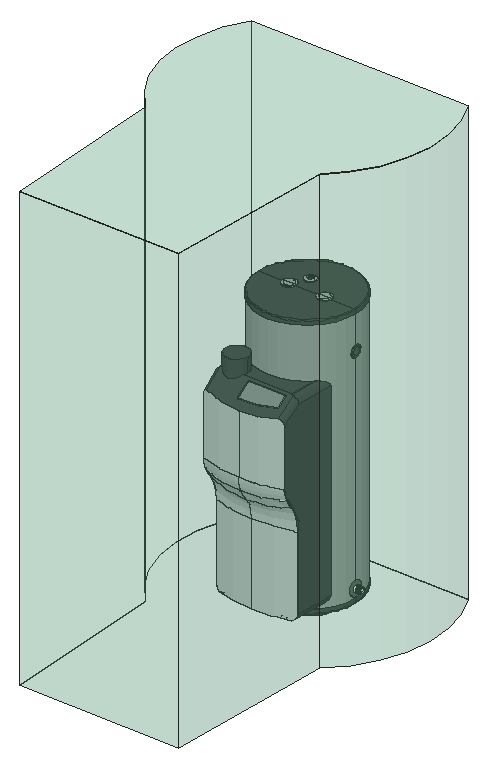
Revit family "Innovo FR_IR 12 160 FR LP", category Mechanical Equipment, Revit 2015
Parameters (values of type "IR-12-160 FR LP")
  largeur d'emballage = 786 mm  # constant formula
  l'Intervalle d'Entretien = "12 mois"  # constant formula
  Workspace Radius = Diameter + 170 mm  # 730 mm
  Workspace Height = Hauteur + 1000 mm  # 2545 mm
  Workspace Front Distance = 1000 mm
  Workspace [instance] = yes
  Valve Height 02 = if(and(Hauteur = 1745 mm, Diameter = 675 mm), 1518 mm, if(and(Hauteur = 1745 mm, Diameter = 610 mm), 1534 mm, if(Hauteur = 1545 mm, 1328 mm, 1070 mm)))  # 1328 mm
  Valve Height 01 = if(and(Diameter > 560 mm), 693 mm, 604 mm)  # 604 mm
  Valeur Maximale du Thermostat de Régulation = 85 °C  # constant formula
  Valeur Manimale du Thermostat de Régulation = 40 °C  # constant formula
  Valeur Défaut du Thermostat de Régulation = 65 °C  # constant formula
  URL = "www.aosmith.fr"
  Type d'Installation = "B23/C13/C33/C43/C53/C63"  # constant formula
  Type d'emballage = "Carton et bois"  # constant formula
  Tension d'Alimentation (-15%, +10%) = 230 V  # constant formula
  Température Maximale des Fumées = 45 °C
  Temps de réchauffement à ΔT = 70°C = "65"
  Temps de réchauffement à ΔT = 55°C = "52"
  Temps de réchauffement à ΔT = 50°C = "47"
  Temps de réchauffement à ΔT = 44°C = "41"
  Temps de réchauffement à ΔT = 28°C = "27"
  Spécifications du Produit = ""
  Réglages du thermostat du chauffe-eau = 65 °C  # constant formula
  Réglage Standard Pour = "G20/G25"
  Rendement Saisonnier (Hs) = [Rendement (Hs, acc. NEN-EN 89 - 1999)]  # 98
  Rendement (Hs, acc. NEN-EN 89 - 1999) = 98
  Rendement (Hi, acc. NEN-EN 89 - 1999) = 109
  Raccord Évacuation de la Condensation = 40 mm  # constant formula
  Raccord de la Soupape de Vidange = 3/4"
  Raccord de Sortie d'Eau Chaude = 3/4"
  Raccord de Gaz = 15"  # constant formula
  Raccord d'Alimentation en Eau Froide = 3/4"  # constant formula
  Raccord Robinet de Vidange = 3/4"  # constant formula
  Puissance Électrique Absorbée (sommet) = 85 W
  Puissance Électrique Absorbée (nominal) = 25 W
  Profondeur d'emballage = 946 mm  # constant formula
  Profondeur = 780 mm  # constant formula
  Profils de soutirage déclaré = "XL"
  Production Nominale = "11900.0/11600.0"
  Pression de Fonctionnement Maximale = 800000.0 Pa  # constant formula
  Pression Différentielle d'Ouverture de l'Interrupteur de Pression < = 115.0 Pa
  Pression Amont de Gaz = "2000/2500 Pa"
  Precaustions during assembling, installation or maintenance = "voir Manuel d'installation, d'emploi er d'entretien"  # constant formula
  Poids à vide = 106 kg
  Poids de Transport = 122 kg
  Phase = 1
  Pertes en Veille - tous les jours (24h) = 0 W
  Pertes en Veille = 0 W
  Nombre de modèle du produit (EAN) = "8717449285975"
  Niveau du Son dB (A) = "<45"  # constant formula
  Niveau de puissance acoustique à l'intérieur = "41 dB"
  NOx-émissions mg/kWh = "22.0/23.0"
  NOx-émissions (ven air, 0% O2) ppm = "14.0/14.0"
  Modèdele = "IR-12-200"
  Model = "IR-12-200 FR NAT"
  Marque commerciale = "A.O. Smith"  # constant formula
  Manufacturer = "A.O. Smith Water Products Company b.v."  # constant formula
  Largeur = Diameter  # 560 mm
  La commande intelligente = no
  L'efficacité énergétique pour le chauffage de l'eau (2) = "-"
  L'efficacité énergétique pour le chauffage de l'eau (1) = "94%"
  Hauteur du Raccordement au Gaz = 860 mm
  Hauteur de la Sortie d'eau Chaude = 1545 mm
  Hauteur de l'Alimentation en eau Froide = 170 mm
  Hauteur d'emballage = 1695 mm
  Hauteur Conduit d'Évacuation des Fumées = 1305 mm
  Hauteur Conduit d'Alimentation en Air = 1305 mm
  Hauteur = 1545 mm
  Guide de Produit = ""
  Garantie sur la Cuve = "36 mois"  # constant formula
  Garantie Pièces = "12 mois"  # constant formula
  Fréquence secteur = 50 Hz  # constant formula
  Forctionner qu'en heures creuses = no
  Fabricant No. = "E 7110"  # constant formula
  Epaisseur d'Isolation = 50 mm
  Débit de vidage à ΔT = 70°C après 90 min. = 350.0 L
  Débit de vidage à ΔT = 70°C après 60 min. = 270.0 L
  Débit de vidage à ΔT = 70°C après 30 min. = 200.0 L
  Débit de vidage à ΔT = 70°C après 120 min. = 420.0 L
  Débit de vidage à ΔT = 55°C après 90 min. = 460.0 L
  Débit de vidage à ΔT = 55°C après 60 min. = 370.0 L
  Débit de vidage à ΔT = 55°C après 30 min. = 270.0 L
  Débit de vidage à ΔT = 55°C après 120 min. = 560.0 L
  Débit de vidage à ΔT = 50°C après 90 min. = 510.0 L
  Débit de vidage à ΔT = 50°C après 60 min. = 410.0 L
  Débit de vidage à ΔT = 50°C après 30 min. = 310.0 L
  Débit de vidage à ΔT = 50°C après 120 min. = 610.0 L
  Débit de vidage à ΔT = 44°C après 90 min. = 590.0 L
  Débit de vidage à ΔT = 44°C après 60 min. = 470.0 L
  Débit de vidage à ΔT = 44°C après 30 min. = 360.0 L
  Débit de vidage à ΔT = 44°C après 120 min. = 710.0 L
  Débit de vidage à ΔT = 28°C après 90 min. = 950.0 L
  Débit de vidage à ΔT = 28°C après 60 min. = 760.0 L
  Débit de vidage à ΔT = 28°C après 30 min. = 580.0 L
  Débit de vidage à ΔT = 28°C après 120 min. = 1200.0 L
  Débit de vidage en Continu à ΔT = 70°C = 150.0 L/s
  Débit de vidage en Continu à ΔT = 55°C = 190.0 L/s
  Débit de vidage en Continu à ΔT = 50°C = 210.0 L/s
  Débit de vidage en Continu à ΔT = 44°C = 240.0 L/s
  Débit de vidage en Continu à ΔT = 28°C = 370.0 L/s
  Diamètre Cheminée - Système Parallèle = "2x80"  # constant formula
  Diamètre Cheminée - Système Concentrique = "80/125 mm/mm"  # constant formula
  Diamètre Cheminée - Boiler = "80/125 mm/mm"  # constant formula
  Diameter = 560 mm
  Destination / Country = "France"  # constant formula
  Description = "Préparateur ECS Solaire en Combinaison avec Réservoir de Stockage"  # constant formula
  D'autres profils de soutirage = "-"
  Created By = "http://www.cadcompany.nl/"
  Consommation de Gaz - Volume ltr/hr = "1.20/1.30"
  Consommation de Gaz - Masse kg/h = "a/p"
  Class d'efficacité énergétique (2) = "-"
  Class d'efficacité énergétique (1) = "A"  # constant formula
  Charge Nominale (Valeur Supérieure) = "12100.0/12100.0"
  Charge Nominale (Valeur Inférieure) = "10900.0/10600.0"
  Charge Maximale au Sol = 322 kg
  Catégorie de Gaz = "II2Esi3P"  # constant formula
  Capacité = 200.0 L
  CO2 Émissions (tol. +/- 1.0) vol% = "9.3/9.3"
  CE-PIN = "0063CQ3037"  # constant formula
  BIM Content Developer = "CAD & Company"  # constant formula
  Assembly Code = "D3010"
  Annual fuel consumption (2) = "-"
  Annual fuel consumption (1) = "16 GJ GCV"
  Annual electricity consumption (2) = "-"
  Annual electricity consumption (1) = "40 kWh"
  2ème Entretien (Entretien Général) = "12 mois après l'installation"  # constant formula
  1er Entretien (check-up) = "3 mois après l'installation"  # constant formula
Reference planes
  plane 1 "Center (Front/Back)": y = 0
  plane 2: z = 0
  plane 3 "Center (Left/Right)": x = 0
  plane 4 "Pipe": through (-383.901, 912.349, 194.799) normal (-0.0879, -0.0879, 0.9923)
  plane 5 "footing": y = 118.925
  plane 6 "footing front": y = -237.85
  plane 7: x = -280
  plane 8: x = 280
  plane 9: z = 1545
Forms (mm)
  Revolve 1, solid, material "RAL 9005", detail levels medium+fine
    sketch origin (0, -237.85, 0) x (-1, 0, 0) y (0, 0, 1)
      loop
        line (0, 28.9) -> (-15, 28.9) -> (-15, 26.4) -> (-8.671, 26.4) -> (-8.671, 18) -> (-5.686, 18) -> (-6.626, 17.06) -> (-6.626, 12.06) -> (-8.671, 12.06) -> (-8.671, 10) -> (-10.031, 10) -> (-23.271, 5.181)
        arc (-23.271, 5.181) -> (-23.763, 4.836) -> (-24.017, 4.293) r 1.159
        line (-24.017, 4.293) -> (-24.017, 1.03)
        arc (-24.017, 1.03) -> (-23.715, 0.302) -> (-22.986, 0) r 1.03
        line (-22.986, 0) -> (0, 0) -> (0, 28.9)
      axis (0, 28.9) -> (0, 0)
    angle from 0 to 360
  Revolve 2, solid, material "RAL 9005", detail levels medium+fine
    sketch origin (0, 118.925, 0) x (-1, 0, 0) y (0, 0, 1)
      loop
        line (-180.984, 28.9) -> (-195.984, 28.9) -> (-195.984, 26.4) -> (-189.655, 26.4) -> (-189.655, 18) -> (-186.67, 18) -> (-187.61, 17.06) -> (-187.61, 12.06) -> (-189.655, 12.06) -> (-189.655, 10) -> (-191.015, 10) -> (-204.256, 5.181)
        arc (-204.256, 5.181) -> (-204.747, 4.836) -> (-205.001, 4.293) r 1.159
        line (-205.001, 4.293) -> (-205.001, 1.03)
        arc (-205.001, 1.03) -> (-204.699, 0.302) -> (-203.971, 0) r 1.03
        line (-203.971, 0) -> (-180.984, 0) -> (-180.984, 28.9)
      axis (-180.984, 28.9) -> (-180.984, 0)
    angle from 0 to 360
  Revolve 3, solid, material "RAL 9005", detail levels medium+fine
    sketch origin (0, 118.925, 0) x (-1, 0, 0) y (0, 0, 1)
      loop
        line (179.016, 28.9) -> (164.016, 28.9) -> (164.016, 26.4) -> (170.345, 26.4) -> (170.345, 18) -> (173.33, 18) -> (172.39, 17.06) -> (172.39, 12.06) -> (170.345, 12.06) -> (170.345, 10) -> (168.985, 10) -> (155.744, 5.181)
        arc (155.744, 5.181) -> (155.253, 4.836) -> (154.999, 4.293) r 1.159
        line (154.999, 4.293) -> (154.999, 1.03)
        arc (154.999, 1.03) -> (155.301, 0.302) -> (156.029, 0) r 1.03
        line (156.029, 0) -> (179.016, 0) -> (179.016, 28.9)
      axis (179.016, 28.9) -> (179.016, 0)
    angle from 0 to 360
Lines and regions (mm)
  symbolic lines
    curve 1: line (0, 280.06, 0) -> (0, -280.06, 0)
    curve 2: line (-255.06, 0, 0) -> (255.06, 0, 0)
  symbolic lines, style "Workspace"
    curve 3: line (623.261, 380.06, 0) -> (-623.261, 380.06, 0)
    curve 4: arc (-623.261, 380.06, 0) -> (-726.942, -66.745, 0) -> (-543.632, -487.2, 0) r 730
    curve 5: line (-543.632, -487.2, 0) -> (-396.783, -1492.825, 0)
    curve 6: line (-396.783, -1492.825, 0) -> (399.03, -1492.825, 0)
    curve 7: line (399.03, -1492.825, 0) -> (545.76, -484.816, 0)
    curve 8: arc (545.76, -484.816, 0) -> (727.087, -65.154, 0) -> (623.261, 380.06, 0) r 730
Dimensions and locks
  plane 5 "footing" to plane 1 "Center (Front/Back)" = 118.925 mm
  plane 1 "Center (Front/Back)" to plane 6 "footing front" = 237.85 mm
  "Diameter": plane 7 to plane 8
  equal spacing: plane 7, plane 3 "Center (Left/Right)", plane 8
  "Hauteur": plane 9 to plane 2
  "Workspace Front Distance": curve 6 to nested 3
  "Workspace Radius": radius of curve 4
  "Workspace Radius": radius of curve 8
  aligned and locked: level to plane 2
  aligned and locked: nested 3 to Revolve 1 sketch curve
  aligned and locked: plane 3 "Center (Left/Right)" to Revolve 1 sketch curve
  aligned and locked: nested 3 to plane 1 "Center (Front/Back)"
  aligned and locked: plane 3 "Center (Left/Right)" to nested 3
  aligned and locked: nested 1 to plane 8
  aligned and locked: nested 5 to plane 8
  aligned and locked: nested 2 to plane 7
  aligned and locked: nested 4 to plane 7
  aligned and locked: nested 7 to plane 7
  aligned and locked: nested 8 to plane 3 "Center (Left/Right)"
  aligned and locked: nested 8 to nested 3
  aligned and locked: curve 3 to nested 8
Automatic sketch dimensions
  Revolve 1 sketch curve to level = 0 mm
  plane 3 "Center (Left/Right)" to Revolve 1 sketch curve = 5.686 mm
  Revolve 1 sketch curve to Revolve 1 sketch curve = 0.94 mm  (x2)
  Revolve 1 sketch curve to Revolve 1 sketch curve = 2.046 mm  (x2)
  Revolve 1 sketch curve to Revolve 1 sketch curve = 1.359 mm
  Revolve 1 sketch curve to Revolve 1 sketch curve = 6.329 mm
  level to Revolve 1 sketch curve = 4.091 mm
  Revolve 1 sketch curve to Revolve 1 sketch curve = 12.844 mm
  level to Revolve 1 sketch curve = 1.03 mm
  Revolve 1 sketch curve to Revolve 1 sketch curve = 0.111 mm
  level to Revolve 1 sketch curve = 5.181 mm
  Revolve 1 sketch curve to Revolve 1 sketch curve = 0.745 mm
  level to Revolve 1 sketch curve = 10 mm
  Revolve 1 sketch curve to Revolve 1 sketch curve = 2.06 mm
  Revolve 1 sketch curve to Revolve 1 sketch curve = 5 mm
  Revolve 1 sketch curve to Revolve 1 sketch curve = 8.4 mm
  Revolve 1 sketch curve to Revolve 1 sketch curve = 2.5 mm
  Revolve 1 sketch curve to level = 19.635 mm
  Revolve 1 sketch curve to Revolve 1 sketch curve = 46.465 mm
  Revolve 2 sketch curve to level = 0 mm
  level to Revolve 2 sketch curve = 1.03 mm
  Revolve 2 sketch curve to plane 8 = 74.999 mm
  level to Revolve 2 sketch curve = 5.181 mm
  Revolve 2 sketch curve to Revolve 2 sketch curve = 0.745 mm
  Revolve 2 sketch curve to Revolve 2 sketch curve = 0.397 mm
  Revolve 2 sketch curve to Revolve 2 sketch curve = 8.271 mm
  Revolve 2 sketch curve to Revolve 2 sketch curve = 13.241 mm
  Revolve 2 sketch curve to Revolve 2 sketch curve = 1.359 mm
  Revolve 2 sketch curve to Revolve 2 sketch curve = 6.329 mm
  Revolve 2 sketch curve to Revolve 2 sketch curve = 2.046 mm
  level to Revolve 2 sketch curve = 18 mm
  Revolve 2 sketch curve to Revolve 2 sketch curve = 0.94 mm  (x2)
  Revolve 2 sketch curve to Revolve 2 sketch curve = 8.671 mm
  Revolve 2 sketch curve to Revolve 2 sketch curve = 1.089 mm
  Revolve 2 sketch curve to Revolve 2 sketch curve = 8 mm
  Revolve 2 sketch curve to Revolve 2 sketch curve = 2.06 mm
  Revolve 2 sketch curve to Revolve 2 sketch curve = 8.4 mm
  Revolve 2 sketch curve to Revolve 2 sketch curve = 2.5 mm
  Revolve 2 sketch curve to Revolve 2 sketch curve = 0 mm
  Revolve 2 sketch curve to level = 19.635 mm
  Revolve 2 sketch curve to Revolve 2 sketch curve = 46.465 mm
  Revolve 3 sketch curve to level = 0 mm
  level to Revolve 3 sketch curve = 1.03 mm
  Revolve 3 sketch curve to plane 7 = 125.001 mm
  level to Revolve 3 sketch curve = 5.181 mm
  Revolve 3 sketch curve to Revolve 3 sketch curve = 0.745 mm
  Revolve 3 sketch curve to Revolve 3 sketch curve = 0.397 mm
  Revolve 3 sketch curve to Revolve 3 sketch curve = 8.271 mm
  Revolve 3 sketch curve to Revolve 3 sketch curve = 13.241 mm
  Revolve 3 sketch curve to Revolve 3 sketch curve = 1.359 mm
  Revolve 3 sketch curve to Revolve 3 sketch curve = 6.329 mm
  Revolve 3 sketch curve to Revolve 3 sketch curve = 2.046 mm
  level to Revolve 3 sketch curve = 18 mm
  Revolve 3 sketch curve to Revolve 3 sketch curve = 0.94 mm  (x2)
  Revolve 3 sketch curve to Revolve 3 sketch curve = 8.671 mm
  Revolve 3 sketch curve to Revolve 3 sketch curve = 1.089 mm
  Revolve 3 sketch curve to Revolve 3 sketch curve = 8 mm
  Revolve 3 sketch curve to Revolve 3 sketch curve = 2.06 mm
  Revolve 3 sketch curve to Revolve 3 sketch curve = 8.4 mm
  Revolve 3 sketch curve to Revolve 3 sketch curve = 2.5 mm
  Revolve 3 sketch curve to Revolve 3 sketch curve = 0 mm
  Revolve 3 sketch curve to level = 19.635 mm
  Revolve 3 sketch curve to Revolve 3 sketch curve = 46.465 mm
  curve 4 to curve 8 = 0 mm  (x2)
  plane 1 "Center (Front/Back)" to curve 2 = 0 mm
  curve 1 to plane 3 "Center (Left/Right)" = 0 mm
  plane 1 "Center (Front/Back)" to curve 4 = 0 mm
  curve 4 to plane 3 "Center (Left/Right)" = 0 mm
  curve 5 to plane 6 "footing front" = 249.35 mm
  plane 7 to curve 5 = 116.783 mm
  plane 8 to curve 7 = 119.03 mm
  curve 7 to plane 6 "footing front" = 246.966 mm
  curve 2 to plane 7 = 24.94 mm
  curve 2 to plane 8 = 24.94 mm
  curve 1 to plane 6 "footing front" = 42.21 mm
  plane 5 "footing" to curve 1 = 161.135 mm
Nested families
  nested 1: "Valve" at (280, -0.38, 1328) x (0, 1, 0) z (0, 0, 1), built-in parameter 1001364 <- "Valve Height 02", type "Valve"
  nested 2: "Drain Valve" at (-280, 0, 1328), built-in parameter 1001364 <- "Valve Height 02", type "Drain Valve"
  nested 3: "Housing Mother Housing S 57 (external)" at (0, -274.886, 0), type "Housing Mother_Housing S_57"
  nested 4: "Drain Valve" at (-280, 0, 177), type "Drain Valve"
  nested 5: "Drain Valve" at (280, 0, 107) x (-1, 0, 0) z (0, 0, 1), type "Drain Valve"
  nested 6: "Boiler" at (0, 0, 0), height <- "Hauteur", type "Boiler"
    with height 1545 mm
  nested 7: "Drain Valve" at (-280, 0, 604), built-in parameter 1001364 <- "Valve Height 01", type "Drain Valve"
  nested 8: "Innovo_workspace" at (0, 0, 0), Workspace Distance Front <- "Workspace Front Distance", Workspace <- "Workspace", Workspace Height <- "Workspace Height", Workspace Radius <- "Workspace Radius", type "Workspace"
    with Workspace Radius 730 mm, Workspace Height 2545 mm, Workspace Distance Front 1000 mm, Workspace yes, Center to Front 492.825 mm
Connectors
  piping at (314.826, 0, 107), diameter 19.05, driven by "Raccord Robinet de Vidange"
    settings: on nested 5, index 1, connector inside diameter 24", connector length 0 mm, flow factor 0, pipe flow 0.0 L/s, pressure drop 0.0 Pa, fitting loss kfactor 0, connector angle 0.00°, fixture units 0, engagement length 0 mm, angle of deflection 0.00°, flow configuration 0, flow direction 0, fitting loss method 0, system type 19, joint type 0, gender type 0, connector reference index -1, connector utility 0, adjustable connector no, is connector primary yes, connector description ""
  hvac at (-147.013, -321.326, 1310.674)
    settings: on nested 3, index 2, duct flow 0.0 L/s, flow factor 0, pres drop 0.0 Pa, loss coef 0, conn angle 0.00°, conn width 304.8 mm, conn height 304.8 mm, conn diameter 125 mm, duct sys type 4, conn prof type 0, flow config 0, flow direction 0, loss method 0, conn ref index -1, conn util no, is conn primary yes, conn desc ""
Definition of nested family "Valve"
  Parameters (values of type "Valve")
    Type Comments = "T&P valve (internal)"
    Manufacturer = "A.O. Smith"
  Reference planes
    plane 1 "Center (Front/Back)": y = 0
    plane 2: z = 0
    plane 3 "Center (Left/Right)": x = 0
  Forms (mm)
    Extrusion 1, solid, detail levels fine
      sketch origin (0, 0, 0) x (1, 0, 0) y (0, 0, 1)
        loop
          circle (0, 0) r 31.5
      from -2.271 to 1.4
    Sweep 2, solid, detail levels fine
      path origin (0, -1.4, 0) x (1, 0, 0) y (0, 0, 1)
        loop
          circle (0, 0) r 31.5
      profile origin (0, -1.4, 31.5) x (0, 0, -1) y (0, -1, 0)
        loop
          line (7.3, 0) -> (7.3, 3) -> (0, 0) -> (7.3, 0)
  Dimensions and locks
    aligned and locked: level to plane 2
Definition of nested family "Drain Valve"
  Reference planes
    plane 1 "Center (Front/Back)": y = 0
    plane 2: z = 0
    plane 3 "Center (Left/Right)": x = 0
  Forms (mm)
    Revolve 1, solid, detail levels medium+fine
      sketch origin (0, 0, 0) x (1, 0, 0) y (0, 0, 1)
        loop
          line (-33.442, 15.696) -> (-34.826, 14.329) -> (-34.93, 12.731) -> (-16.555, 12.731) -> (-16.555, 0) -> (15.787, 0) -> (15.787, 18.3) -> (-14.4, 18.3) -> (-17.148, 15.533) -> (-18.729, 16.697) -> (-20.091, 15.333) -> (-21.672, 16.496) -> (-23.034, 15.133) -> (-24.614, 16.296) -> (-25.976, 14.932) -> (-27.557, 16.096) -> (-28.919, 14.732) -> (-30.5, 15.896) -> (-31.862, 14.532) -> (-33.442, 15.696)
        axis (-34.93, 0) -> (15.787, 0)
      angle from 0 to 360
  Dimensions and locks
    aligned and locked: level to plane 2
  Nested families
    nested 1: "Rubber sealing" at (2.592, -0.155, 0) x (0.0023, -1, 0) z (0, 0, 1), type "Rubber sealing", detail levels fine
  Definition of nested family "Rubber sealing"
    Reference planes
      plane 1 "Center (Front/Back)": y = 0
      plane 2: z = 0
      plane 3 "Center (Left/Right)": x = 0
    Forms (mm)
      Extrusion 1, solid, detail levels fine
        sketch origin (141.861, 319.581, 0) x (1, 0, 0) y (0, 1, 0)
          loop
            line (-216.354, -311.898) -> (-216.354, -313.94)
            arc (-216.354, -313.94) -> (-141.602, -321.581) -> (-66.861, -313.835) r 366.966
            line (-66.861, -313.835) -> (-66.861, -311.791)
            arc (-66.861, -311.791) -> (-141.602, -319.581) -> (-216.354, -311.898) r 364.966
        from -80 to 80
      Extrusion 2, void
        sketch origin (141.861, 319.581, 0) x (1, 0, 0) y (0, 0, 1)
          loop
            circle (-141.861, 0) r 13
          loop
            circle (-141.861, 0) r 110
          loop
            circle (-141.861, 0) r 40
        from 311.563 to 332.684
      Extrusion 3, void
        sketch origin (141.861, 319.581, 0) x (1, 0, 0) y (0, 0, 1)
          loop
            circle (-141.861, 0) r 18.25
        from 315.524 to 326.084
    Cuts and joins
      Extrusion 2, Extrusion 3 cuts Extrusion 1
    Dimensions and locks
      aligned and locked: level to plane 2
Definition of nested family "Housing Mother Housing S 57 (external)"
  Parameters (values of type "Housing Mother_Housing S_57")
    radius [instance] = 280 mm
    distance to boiler center = if(diameter = 675 mm, 189 mm, if(diameter = 610 mm, 154 mm, 129 mm))  # 129 mm
    diameter = 560 mm
  Reference planes
    plane 1 "Center (Front/Back)": y = 0
    plane 2: z = 0
    plane 3 "Center (Left/Right)": x = 0
    plane 4 "left": through (-245.286, 145.886, 1200) normal (0.9994, 0.0349, 0)
    plane 5: y = -217.939
    plane 6: y = 145.886
    plane 7: z = 1232.6
    plane 8: z = 65.89
    plane 9 "right": through (245.286, 145.886, 1200) normal (0.9994, -0.0349, 0)
    plane 10 "display": through (0, -90.37, 1221.196) normal (0, -0.5736, 0.8192)
    plane 11 "Potentiostat": z = 867.899
    plane 12 "boiler center": y = 274.886
    plane 13: x = -280
    plane 14: x = 280
  Forms (mm)
    Extrusion 1, solid
      sketch origin (0, 0, 0) x (1, 0, 0) y (0, 1, 0)
        loop
          line (-245.286, 145.886) -> (-232.581, -217.939) -> (232.581, -217.939) -> (245.286, 145.886)
          arc (245.286, 145.886) -> (0, 0.923) -> (-245.286, 145.886) r 280
      from 0 to 1232.6
    Sweep 2, void
      path origin (0, 0, 0) x (0, 1, 0) y (0, 0, 1)
        loop
          line (-217.939, 1232.6) -> (-217.939, 795.555)
          arc (-217.939, 795.555) -> (-212.387, 754.285) -> (-197.694, 715.322) r 183.924
          arc (-197.694, 715.322) -> (-179.915, 684.628) -> (-159.106, 655.901) r 348.284
          arc (-159.106, 655.901) -> (-131.411, 600.328) -> (-121.88, 538.973) r 202.254
          line (-121.88, 538.973) -> (-121.88, 61.106)
      profile origin (0, -217.939, 1014.077) x (1, 0, 0) y (0, 1, 0)
        loop
          arc (0, 0) -> (-117.533, 9.941) -> (-231.728, 39.475) r 699.984
          arc (-231.728, 39.475) -> (-233.391, 40.705) -> (-234.07, 42.659) r 3.505
          line (-234.07, 42.659) -> (-254.062, 42.659) -> (-254.062, -142.593) -> (254.07, -142.593) -> (254.07, 42.659) -> (234.07, 42.659)
          arc (234.07, 42.659) -> (233.391, 40.705) -> (231.728, 39.475) r 3.505
          arc (231.728, 39.475) -> (117.533, 9.941) -> (0, 0) r 699.984
    Extrusion 3, void
      sketch origin (0, 0, 0) x (0, 1, 0) y (0, 0, 1)
        loop
          arc (102.864, 70.869) -> (99.804, 70.709) -> (96.874, 69.813) r 12.57
          arc (96.874, 69.813) -> (87.878, 66.533) -> (78.516, 64.529) r 69.114
          arc (78.516, 64.529) -> (76.41, 64.284) -> (74.294, 64.148) r 41.206
          arc (74.294, 64.148) -> (65.203, 64.335) -> (56.122, 64.782) r 318.661
          arc (56.122, 64.782) -> (30.585, 66.179) -> (5.028, 67.128) r 1456.581
          line (5.028, 67.128) -> (-84.534, 73.135)
          arc (-84.534, 73.135) -> (-86.363, 73.808) -> (-87.536, 75.365) r 3.455
          line (-87.536, 75.365) -> (-264.473, 75.365) -> (-264.473, 0) -> (160.886, 0) -> (160.886, 103.945) -> (145.886, 103.945)
          arc (145.886, 103.945) -> (145.104, 97.827) -> (142.923, 92.059) r 26.364
          arc (142.923, 92.059) -> (141.067, 88.936) -> (138.867, 86.045) r 31.715
          arc (138.867, 86.045) -> (135.576, 82.49) -> (132.021, 79.2) r 62.615
          arc (132.021, 79.2) -> (125.841, 74.697) -> (119.091, 71.103) r 54.444
          arc (119.091, 71.103) -> (116.371, 70.272) -> (113.531, 70.123) r 11.669
          line (113.531, 70.123) -> (102.864, 70.869)
      from -254.062 to 254.07
    Sweep 4, void
      path origin (0, 0, 0) x (1, 0, 0) y (0, 1, 0)
        loop
          line (-245.286, 145.886) -> (-232.581, -217.939)
      profile origin (-238.933, -36.027, 0) x (0.999391, 0.034899, 0) y (0, 0, 1)
        loop
          line (-4.454, 0) -> (47.084, 0) -> (47.084, 73.431)
          arc (47.084, 73.431) -> (14.222, 85.134) -> (0.255, 117.1) r 43.922
          line (0.255, 117.1) -> (-4.454, 117.1) -> (-4.454, 0)
    Sweep 5, void
      path origin (0, 0, 0) x (-1, 0, 0) y (0, 1, 0)
        loop
          line (-245.286, 145.886) -> (-232.581, -217.939)
      profile origin (238.933, -36.027, 0) x (0.999391, -0.034899, 0) y (0, 0, 1)
        loop
          line (4.454, 0) -> (4.454, 117.1) -> (-0.255, 117.1)
          arc (-0.255, 117.1) -> (-14.222, 85.134) -> (-47.084, 73.431) r 43.922
          line (-47.084, 73.431) -> (-47.084, 0) -> (4.454, 0)
    Sweep 6, void
      path origin (-239.899, -8.377, 0) x (-0.034899, 0.999391, 0) y (0, 0, 1)
        loop
          line (-209.69, 1141.272) -> (-79.18, 1232.6) -> (154.358, 1232.6)
      profile origin (-241.211, 29.188, 1232.6) x (0, 0, 1) y (0.999391, 0.034899, 0)
        loop
          line (-45, -30) -> (75, -30) -> (75, 0) -> (75, 55) -> (2.799, 55) -> (-1.253, 35.128)
          arc (-1.253, 35.128) -> (-16.771, 9.564) -> (-45, -0.308) r 44.287
          line (-45, -0.308) -> (-45, -30)
    Sweep 7, void
      path origin (239.899, -8.377, 0) x (0.034899, 0.999391, 0) y (0, 0, 1)
        loop
          line (-209.69, 1141.272) -> (-79.18, 1232.6) -> (154.358, 1232.6)
      profile origin (241.211, 29.188, 1232.6) x (0, 0, -1) y (-0.999391, 0.034899, 0)
        loop
          line (-75, -25) -> (45, -25) -> (45, -0.308)
          arc (45, -0.308) -> (16.771, 9.564) -> (1.253, 35.128) r 44.287
          line (1.253, 35.128) -> (-2.799, 55) -> (-75, 55) -> (-75, -25)
    Extrusion 8, void
      sketch origin (0, 0, 0) x (0, 1, 0) y (0, 0, 1)
        loop
          line (-270, 1336.099) -> (-270, 1099.081) -> (68.497, 1336.099) -> (-270, 1336.099)
      from -425.038 to 444.42
    Extrusion 9, solid, detail levels medium+fine
      sketch origin (0, 0, 0) x (1, 0, 0) y (0, 1, 0)
        loop
          circle (-147.013, -46.44) r 65
      from 1163.174 to 1310.674
    Extrusion 10, void
      sketch origin (0, -603.506, 861.895) x (0, 0.819152, 0.573576) y (-1, 0, 0)
        loop
          arc (618.322, -173) -> (623.272, -170.95) -> (625.322, -166) r 7
          line (625.322, -166) -> (625.322, 35)
          arc (625.322, 35) -> (623.272, 39.95) -> (618.322, 42) r 7
          line (618.322, 42) -> (535.473, 42)
          arc (535.473, 42) -> (530.688, 40.11) -> (528.488, 35.46) r 7
          arc (528.488, 35.46) -> (531.569, -67.592) -> (554.18, -168.18) r 540
          arc (554.18, -168.18) -> (556.724, -171.668) -> (560.831, -173) r 7
          line (560.831, -173) -> (618.322, -173)
      from 0 to 137.286
    Sweep 11, solid, detail levels fine
      path origin (0, 0, 867.899) x (-1, 0, 0) y (0, -1, 0)
        loop
          line (309.749, -35.617) -> (204.371, -35.617)
          arc (204.371, -35.617) -> (196.509, -34.687) -> (189.082, -31.947) r 33.677
          line (189.082, -31.947) -> (-9.574, 69.274)
      profile origin (-257.06, 35.617, 867.899) x (0, 1, 0) y (0, 0, 1)
        loop
          circle (0, 0) r 7.316
        loop
          circle (0, 0) r 6.465
    Revolve 12, void
      sketch origin (0, 274.886, 0) x (-1, 0, 0) y (0, 0, 1)
        loop
          line (280, 1243.838) -> (0, 1243.838) -> (0, 54.9) -> (280, 54.9) -> (280, 1243.838)
        axis (0, 1243.838) -> (0, 54.9)
      angle from 0 to 360
  Cuts and joins
    Sweep 2, Extrusion 3, Sweep 4, Sweep 5, Sweep 6, Sweep 7, Extrusion 8, Extrusion 10, Revolve 12 cuts Extrusion 1
  Dimensions and locks
    plane 8 to plane 2 = 65.89 mm
    plane 7 to plane 8 = 1166.71 mm
    "distance to boiler center": plane 12 "boiler center" to plane 6
    "diameter": plane 14 to plane 13
    equal spacing: plane 14, plane 3 "Center (Left/Right)", plane 13
    "radius": plane 3 "Center (Left/Right)" to plane 13
    aligned and locked: level to plane 2
    aligned and locked: Extrusion 1 to plane 7
    aligned and locked: Extrusion 1 sketch curve to plane 5
    aligned and locked: Sweep 2 to Extrusion 3
    aligned and locked: Extrusion 3 to Sweep 2  (x2)
    aligned and locked: plane 7 to Sweep 2 sketch curve
    aligned and locked: plane 3 "Center (Left/Right)" to Revolve 12 sketch curve
    aligned and locked: Revolve 12 sketch curve to plane 3 "Center (Left/Right)"
    aligned and locked: plane 13 to Revolve 12 sketch curve
  Automatic sketch dimensions
    Extrusion 1 sketch curve to plane 4 "left" = 0 mm  (x2)
    Extrusion 1 sketch curve to plane 6 = 0 mm  (x2)
    Extrusion 1 sketch curve to plane 3 "Center (Left/Right)" = 0 mm
    Extrusion 1 sketch curve to plane 9 "right" = 0 mm
    plane 6 to Extrusion 1 sketch curve = 135.037 mm
    Sweep 2 sketch curve to plane 5 = 0 mm
    plane 5 to Sweep 2 sketch curve = 106.195 mm
    Sweep 2 sketch curve to plane 5 = 96.059 mm
    plane 1 "Center (Front/Back)" to Sweep 2 sketch curve = 34.053 mm
    plane 11 "Potentiostat" to Sweep 2 sketch curve = 6.417 mm
    Sweep 2 sketch curve to plane 6 = 33.705 mm
    Sweep 2 sketch curve to plane 11 "Potentiostat" = 68.615 mm
    Sweep 2 sketch curve to plane 11 "Potentiostat" = 72.345 mm
    Sweep 2 sketch curve to Sweep 2 sketch curve = 176.349 mm
    Sweep 2 sketch curve to Sweep 2 sketch curve = 0 mm  (x2)
    plane 8 to Sweep 2 sketch curve = 4.784 mm
    Extrusion 3 sketch curve to level = 0 mm
    Extrusion 3 sketch curve to plane 6 = 0 mm
    Extrusion 3 sketch curve to plane 6 = 26.363 mm
    Extrusion 3 sketch curve to Extrusion 3 sketch curve = 4.75 mm
    Extrusion 3 sketch curve to Extrusion 3 sketch curve = 5.179 mm
    Extrusion 3 sketch curve to plane 8 = 4.232 mm
    Extrusion 3 sketch curve to Extrusion 3 sketch curve = 0.814 mm
    Extrusion 3 sketch curve to plane 8 = 4.978 mm
    Extrusion 3 sketch curve to Extrusion 3 sketch curve = 10.667 mm
    Extrusion 3 sketch curve to Extrusion 3 sketch curve = 0.877 mm
    Extrusion 3 sketch curve to Extrusion 3 sketch curve = 17.827 mm
    Extrusion 3 sketch curve to Extrusion 3 sketch curve = 5.646 mm
    Extrusion 3 sketch curve to plane 6 = 69.562 mm
    Extrusion 3 sketch curve to Extrusion 3 sketch curve = 18.6 mm
    Extrusion 3 sketch curve to Extrusion 3 sketch curve = 22.538 mm
    Extrusion 3 sketch curve to plane 8 = 1.238 mm
    Extrusion 3 sketch curve to plane 1 "Center (Front/Back)" = 5.028 mm
    plane 1 "Center (Front/Back)" to Extrusion 3 sketch curve = 36.224 mm
    Extrusion 3 sketch curve to plane 8 = 10.692 mm
    plane 1 "Center (Front/Back)" to Extrusion 3 sketch curve = 84.302 mm
    Extrusion 3 sketch curve to plane 8 = 7.244 mm
    Extrusion 3 sketch curve to Extrusion 3 sketch curve = 0.231 mm
    Extrusion 3 sketch curve to Extrusion 3 sketch curve = 3.234 mm
    plane 5 to Extrusion 3 sketch curve = 46.534 mm
    plane 6 to Extrusion 3 sketch curve = 15 mm
    Extrusion 3 sketch curve to level = 1388.869 mm
    plane 8 to Extrusion 3 sketch curve = 7.561 mm
    Extrusion 3 sketch curve to Extrusion 3 sketch curve = 11.64 mm
    Extrusion 3 sketch curve to plane 8 = 38.054 mm
    Extrusion 3 sketch curve to Extrusion 3 sketch curve = 22.442 mm
    Extrusion 3 sketch curve to plane 8 = 39.432 mm
    Extrusion 3 sketch curve to Extrusion 3 sketch curve = 2.466 mm
    Extrusion 3 sketch curve to Extrusion 3 sketch curve = 14.17 mm
    Extrusion 3 sketch curve to Extrusion 3 sketch curve = 5.925 mm
    Extrusion 3 sketch curve to Extrusion 3 sketch curve = 6.186 mm
    Extrusion 3 sketch curve to Extrusion 3 sketch curve = 249.85 mm
    Extrusion 3 sketch curve to Extrusion 3 sketch curve = 0 mm  (x4)
    Extrusion 3 sketch curve to Extrusion 3 sketch curve = 6.845 mm
    plane 8 to Extrusion 3 sketch curve = 1.743 mm
    Sweep 4 sketch curve to plane 4 "left" = 0 mm  (x2)
    Sweep 4 sketch curve to plane 6 = 0 mm
    plane 5 to Sweep 4 sketch curve = 0 mm
    Sweep 4 sketch curve to level = 0 mm
    profile plane to Sweep 4 sketch curve = 4.454 mm
    Sweep 4 sketch curve to profile plane = 0.255 mm
    Sweep 4 sketch curve to Sweep 4 sketch curve = 43.922 mm
    Sweep 4 sketch curve to profile plane = 47.084 mm
    level to Sweep 4 sketch curve = 73.431 mm
    Sweep 4 sketch curve to Sweep 4 sketch curve = 43.669 mm
    Sweep 5 sketch curve to plane 6 = 0 mm
    Sweep 5 sketch curve to plane 9 "right" = 0 mm  (x2)
    plane 5 to Sweep 5 sketch curve = 0 mm
    Sweep 5 sketch curve to level = 0 mm
    profile plane to Sweep 5 sketch curve = 47.084 mm
    Sweep 5 sketch curve to Sweep 5 sketch curve = 2.907 mm
    profile plane to Sweep 5 sketch curve = 0.255 mm
    Sweep 5 sketch curve to profile plane = 4.454 mm
    level to Sweep 5 sketch curve = 73.431 mm
    Sweep 5 sketch curve to Sweep 5 sketch curve = 43.669 mm
    Sweep 6 sketch curve to plane 7 = 0 mm
    plane 7 to Sweep 6 sketch curve = 91.328 mm
    Sweep 6 sketch curve to Sweep 6 sketch curve = 130.509 mm
    Sweep 6 sketch curve to Sweep 6 sketch curve = 233.538 mm
    Sweep 6 sketch curve to plane 4 "left" = 0 mm
    profile plane to Sweep 6 sketch curve = 45 mm
    Sweep 6 sketch curve to Sweep 6 sketch curve = 0.354 mm
    profile plane to Sweep 6 sketch curve = 1.253 mm
    Sweep 6 sketch curve to profile plane = 2.799 mm
    Sweep 6 sketch curve to Sweep 6 sketch curve = 72.201 mm
    Sweep 6 sketch curve to plane 4 "left" = 0.308 mm
    Sweep 6 sketch curve to Sweep 6 sketch curve = 29.692 mm
    plane 4 "left" to Sweep 6 sketch curve = 35.128 mm
    plane 4 "left" to Sweep 6 sketch curve = 55 mm
    Sweep 7 sketch curve to plane 7 = 0 mm
    Sweep 7 sketch curve to plane 7 = 91.328 mm
    Sweep 7 sketch curve to Sweep 7 sketch curve = 130.509 mm
    Sweep 7 sketch curve to Sweep 7 sketch curve = 233.538 mm
    Sweep 7 sketch curve to plane 9 "right" = 25 mm
    profile plane to Sweep 7 sketch curve = 75 mm
    profile plane to Sweep 7 sketch curve = 2.799 mm
    Sweep 7 sketch curve to profile plane = 1.253 mm
    Sweep 7 sketch curve to Sweep 7 sketch curve = 43.393 mm
    Sweep 7 sketch curve to profile plane = 45 mm
    Sweep 7 sketch curve to plane 9 "right" = 0.308 mm
    plane 9 "right" to Sweep 7 sketch curve = 35.128 mm
    Sweep 7 sketch curve to Sweep 7 sketch curve = 19.872 mm
    plane 5 to Extrusion 8 sketch curve = 52.061 mm
    Extrusion 8 sketch curve to plane 1 "Center (Front/Back)" = 68.497 mm
    plane 7 to Extrusion 8 sketch curve = 133.519 mm
    Extrusion 8 sketch curve to plane 7 = 103.499 mm
    plane 1 "Center (Front/Back)" to Extrusion 9 sketch curve = 46.44 mm
    Extrusion 9 sketch curve to plane 3 "Center (Left/Right)" = 147.013 mm
    Extrusion 10 sketch curve to plane 3 "Center (Left/Right)" = 0 mm
    Extrusion 10 sketch curve to plane 3 "Center (Left/Right)" = 35 mm
    Extrusion 10 sketch curve to Extrusion 10 sketch curve = 25.359 mm
    Extrusion 10 sketch curve to Extrusion 10 sketch curve = 57.491 mm
    Extrusion 10 sketch curve to plane 3 "Center (Left/Right)" = 42 mm
    Extrusion 10 sketch curve to Extrusion 10 sketch curve = 82.85 mm
    Extrusion 10 sketch curve to Extrusion 10 sketch curve = 7 mm
    Extrusion 10 sketch curve to Extrusion 10 sketch curve = 442 mm
    plane 3 "Center (Left/Right)" to Extrusion 10 sketch curve = 166 mm
    Extrusion 10 sketch curve to Extrusion 10 sketch curve = 0 mm  (x2)
    Sweep 11 sketch curve to plane 1 "Center (Front/Back)" = 31.947 mm
    Sweep 11 sketch curve to plane 3 "Center (Left/Right)" = 189.082 mm
    Sweep 11 sketch curve to plane 1 "Center (Front/Back)" = 1.94 mm
    Sweep 11 sketch curve to Sweep 11 sketch curve = 15.289 mm
    plane 3 "Center (Left/Right)" to Sweep 11 sketch curve = 9.574 mm
    Sweep 11 sketch curve to Sweep 11 sketch curve = 105.378 mm
    plane 1 "Center (Front/Back)" to Sweep 11 sketch curve = 69.274 mm
    Sweep 11 sketch curve to Sweep 11 sketch curve = 0 mm  (x2)
    Sweep 11 sketch curve to plane 11 "Potentiostat" = 0 mm
    Sweep 11 sketch curve to profile plane = 0 mm
    plane 8 to Revolve 12 sketch curve = 10.99 mm
    Revolve 12 sketch curve to plane 7 = 11.238 mm
    Revolve 12 sketch curve to level = 366.045 mm
    Revolve 12 sketch curve to Revolve 12 sketch curve = 971.917 mm
    Sweep 2 sketch curve to plane 3 "Center (Left/Right)" = 0 mm
    profile plane to Sweep 2 sketch curve = 0 mm
    Sweep 2 sketch curve to plane 3 "Center (Left/Right)" = 0.016 mm
    Sweep 2 sketch curve to profile plane = 42.782 mm  (x2)
    Sweep 2 sketch curve to plane 3 "Center (Left/Right)" = 230.568 mm
    plane 3 "Center (Left/Right)" to Sweep 2 sketch curve = 0.016 mm
    plane 3 "Center (Left/Right)" to Sweep 2 sketch curve = 230.568 mm
    Sweep 2 sketch curve to Sweep 2 sketch curve = 3.502 mm  (x2)
    Sweep 2 sketch curve to Sweep 2 sketch curve = 20 mm
    profile plane to Sweep 2 sketch curve = 142.593 mm
    Sweep 2 sketch curve to Sweep 2 sketch curve = 0.122 mm  (x2)
    Sweep 2 sketch curve to Sweep 2 sketch curve = 657.203 mm
    Sweep 2 sketch curve to Sweep 2 sketch curve = 19.991 mm
    radius of Extrusion 9 sketch curve = 65 mm
    radius of Sweep 11 sketch curve = 7.316 mm
    radius of Sweep 11 sketch curve = 6.465 mm
  Nested families
    nested 1: "display" at (65.5, -130.939, 1192.79) x (-1, 0, 0) z (0, -0.5736, 0.8192), type "display"
  Definition of nested family "display"
    Parameters (values of type "display")
      Default Elevation = 1219.2 mm
    Reference planes
      plane 1 "Center (Front/Back)": y = 0
      plane 2: z = 0
      plane 3 "Center (Left/Right)": x = 0
    Forms (mm)
      Extrusion 1, solid, detail levels medium+fine
        sketch origin (-16.958, 11.842, -343.878) x (1, 0, 0) y (0, 0, -1)
          loop
            line (-233.523, -343.878) -> (-233.523, -346.592) -> (332.686, -346.592) -> (332.686, -343.878) -> (-233.523, -343.878)
        from -228.7 to 150.822
      Extrusion 2, void
        sketch origin (-16.958, 6.842, -343.878) x (1, 0, 0) y (0, 1, 0)
          loop
            line (-233.523, 155.822) -> (-233.523, -223.7) -> (332.686, -223.7) -> (332.686, 155.822) -> (-233.523, 155.822)
          loop
            arc (-90.542, -48.267) -> (-88.492, -53.216) -> (-83.542, -55.267) r 7
            line (-83.542, -55.267) -> (117.458, -55.267)
            arc (117.458, -55.267) -> (122.408, -53.216) -> (124.458, -48.267) r 7
            line (124.458, -48.267) -> (124.458, 34.583)
            arc (124.458, 34.583) -> (122.568, 39.368) -> (117.918, 41.568) r 7
            arc (117.918, 41.568) -> (14.866, 38.487) -> (-85.722, 15.876) r 540
            arc (-85.722, 15.876) -> (-89.21, 13.332) -> (-90.542, 9.224) r 7
            line (-90.542, 9.224) -> (-90.542, -48.267)
        from 328.878 to 363.083
    Cuts and joins
      Extrusion 2 cuts Extrusion 1
    Dimensions and locks
      aligned and locked: level to plane 2
Definition of nested family "Boiler"
  Parameters (values of type "Boiler")
    radius [instance] = 280 mm
    height [instance] = 1270 mm
    Diameter = 560 mm
  Reference planes
    plane 1 "Center (Front/Back)": y = 0
    plane 2: z = 0
    plane 3 "Center (Left/Right)": x = 0
    plane 4: z = 1243.838
    plane 5: z = 1270
    plane 6 "bottom": z = 28.9
    plane 7: z = 54.9
    plane 8 "top controle": y = 88
    plane 9: x = -280
    plane 10: x = 280
  Forms (mm)
    Revolve 1, solid
      sketch origin (0, 0, 0) x (1, 0, 0) y (0, 0, 1)
        loop
          line (0, 54.9) -> (-280, 54.9) -> (-280, 32.9)
          arc (-280, 32.9) -> (-278.828, 30.072) -> (-276, 28.9) r 4
          line (-276, 28.9) -> (0, 28.9) -> (0, 54.9)
        axis (0, 28.9) -> (0, 54.9)
      angle from 0 to 360
    Revolve 2, solid
      sketch origin (1.311, 0, 0) x (1, 0, 0) y (0, 0, 1)
        loop
          line (-278.86, 1243.838) -> (-278.86, 54.9) -> (-1.311, 54.9) -> (-1.311, 1243.838) -> (-278.86, 1243.838)
        axis (-1.311, 1243.838) -> (-1.311, 54.9)
      angle from 0 to 360
    Revolve 3, solid
      sketch origin (-9.205, 0, 377.212) x (-1, 0, 0) y (0, 0, 1)
        loop
          line (-148.904, 892.788) -> (-110.805, 892.788) -> (-110.805, 895.963) -> (-141.883, 895.963) -> (-148.904, 893.62) -> (-148.904, 892.788)
        axis (-110.805, 892.788) -> (-110.805, 895.963)
      angle from 0 to 360
    Revolve 4, solid
      sketch origin (0, 0, 718.065) x (1, 0, 0) y (0, 0, -1)
        loop
          line (0, -525.773) -> (-280, -525.773) -> (-280, -547.935)
          arc (-280, -547.935) -> (-278.828, -550.763) -> (-276, -551.935) r 4
          line (-276, -551.935) -> (0, -551.935) -> (0, -525.773)
        axis (0, -551.935) -> (0, -525.773)
      angle from 0 to 360
    Revolve 5, solid
      sketch origin (0, 88, 0) x (1, 0, 0) y (0, 0, 1)
        loop
          line (-19.051, 1270) -> (-19.051, 1271.074) -> (-32.63, 1275.604) -> (-32.63, 1271.117) -> (-37.266, 1271.117) -> (-38.383, 1270) -> (-19.051, 1270)
        axis (-50.8, 1270) -> (-50.8, 1275.604)
      angle from 0 to 360
    Revolve 6, solid
      sketch origin (-217.12, 0, 372.245) x (-1, 0, 0) y (0, 0, 1)
        loop
          line (-153.622, 897.755) -> (-115.52, 897.755) -> (-115.52, 900.93) -> (-146.626, 900.93) -> (-153.622, 898.596) -> (-153.622, 897.755)
        axis (-115.52, 897.755) -> (-115.52, 900.93)
      angle from 0 to 360
  Dimensions and locks
    "height": plane 5 to plane 2
    plane 6 "bottom" to plane 2 = 28.9 mm
    locked: plane 5 to plane 4 at 26.162
    locked: plane 1 "Center (Front/Back)" to plane 8 "top controle" at 88
    "Diameter": plane 10 to plane 9
    equal spacing: plane 10, plane 3 "Center (Left/Right)", plane 9
    "radius": plane 3 "Center (Left/Right)" to plane 9
    locked: plane 9 to Revolve 2 sketch curve at 2.452
    aligned and locked: level to plane 2
    aligned and locked: Revolve 2 sketch curve to plane 7
    aligned and locked: Revolve 2 sketch curve to plane 4
    aligned and locked: Revolve 1 sketch curve to plane 7
    aligned and locked: plane 6 "bottom" to Revolve 1 sketch curve
    aligned and locked: Revolve 4 sketch curve to plane 3 "Center (Left/Right)"
    aligned and locked: plane 5 to Revolve 4 sketch curve
    aligned and locked: Revolve 4 sketch curve to plane 4
    aligned and locked: plane 9 to Revolve 4 sketch curve
    aligned and locked: Revolve 1 sketch curve to plane 9
    aligned and locked: Revolve 2 sketch curve to plane 3 "Center (Left/Right)"
    aligned and locked: plane 3 "Center (Left/Right)" to Revolve 2 sketch curve
  Automatic sketch dimensions
    Revolve 1 sketch curve to plane 3 "Center (Left/Right)" = 0 mm  (x2)
    Revolve 1 sketch curve to Revolve 1 sketch curve = 4 mm
    Revolve 1 sketch curve to level = 40 mm
    Revolve 1 sketch curve to Revolve 1 sketch curve = 305.1 mm
    Revolve 2 sketch curve to level = 366.045 mm
    Revolve 2 sketch curve to plane 5 = 945.755 mm
    Revolve 3 sketch curve to plane 5 = 0 mm
    Revolve 3 sketch curve to plane 3 "Center (Left/Right)" = 139.699 mm
    plane 5 to Revolve 3 sketch curve = 3.175 mm
    Revolve 3 sketch curve to Revolve 3 sketch curve = 7.022 mm
    Revolve 3 sketch curve to Revolve 3 sketch curve = 31.078 mm
    Revolve 3 sketch curve to Revolve 3 sketch curve = 0.832 mm
    Revolve 3 sketch curve to Revolve 3 sketch curve = 0 mm
    Revolve 3 sketch curve to Revolve 3 sketch curve = 2.338 mm
    Revolve 3 sketch curve to Revolve 3 sketch curve = 4.487 mm
    Revolve 4 sketch curve to plane 3 "Center (Left/Right)" = 0 mm
    Revolve 4 sketch curve to Revolve 4 sketch curve = 4 mm
    Revolve 4 sketch curve to Revolve 4 sketch curve = 68.738 mm
    Revolve 4 sketch curve to Revolve 4 sketch curve = 305.1 mm
    Revolve 6 sketch curve to plane 5 = 0 mm
    plane 3 "Center (Left/Right)" to Revolve 6 sketch curve = 63.497 mm
    plane 5 to Revolve 6 sketch curve = 3.175 mm
    Revolve 6 sketch curve to Revolve 6 sketch curve = 6.997 mm
    Revolve 6 sketch curve to Revolve 6 sketch curve = 31.106 mm
    Revolve 6 sketch curve to Revolve 6 sketch curve = 0.84 mm
    Revolve 6 sketch curve to Revolve 6 sketch curve = 0 mm
    Revolve 6 sketch curve to Revolve 6 sketch curve = 7.216 mm
    Revolve 6 sketch curve to Revolve 6 sketch curve = 0.391 mm
    Revolve 5 sketch curve to Revolve 5 sketch curve = 13.578 mm
    Revolve 5 sketch curve to Revolve 5 sketch curve = 1.074 mm
    Revolve 5 sketch curve to Revolve 5 sketch curve = 12.417 mm
    Revolve 5 sketch curve to Revolve 5 sketch curve = 5.753 mm
    Revolve 5 sketch curve to plane 5 = 1.117 mm
    Revolve 5 sketch curve to Revolve 5 sketch curve = 1.117 mm
    plane 5 to Revolve 5 sketch curve = 4.396 mm
    Revolve 5 sketch curve to plane 5 = 0 mm
    Revolve 5 sketch curve to Revolve 5 sketch curve = 4.487 mm
    Revolve 5 sketch curve to plane 3 "Center (Left/Right)" = 38.383 mm
    Revolve 5 sketch curve to plane 5 = 5.604 mm
Definition of nested family "Innovo_workspace"
  Parameters (values of type "Workspace")
    Workspace Radius [instance] = 730 mm
    Workspace Height [instance] = 2270 mm
    Workspace Distance Front [instance] = 1000 mm
    Workspace [instance] = yes
    URL = "www.aosmith.nl"
    Model = ""
    Manufacturer = "A.O. Smith Water Products Company b.v."  # constant formula
    Description = ""
    Created By = ""
    Center to Front [instance] = 492.825 mm
    BIM Content Developer = "CAD & Company"  # constant formula
    Assembly Code = ""
  Reference planes
    plane 1 "Center (Front/Back)": y = 0
    plane 2: z = 0
    plane 3 "Center (Left/Right)": x = 0
    plane 4 "Pipe": through (-383.901, 912.349, 194.799) normal (-0.0879, -0.0879, 0.9923)
    plane 5 "front": y = -492.825
  Forms (mm)
    Extrusion 1, solid, visible <- "Workspace"
      sketch origin (0, 0, 0) x (1, 0, 0) y (0, 1, 0)
        loop
          line (456.53, -1492.825) -> (500.201, -531.695)
          arc (500.201, -531.695) -> (723.44, -97.643) -> (623.261, 380.06) r 730
          line (623.261, 380.06) -> (-623.261, 380.06)
          arc (-623.261, 380.06) -> (-723.227, -99.209) -> (-497.893, -533.856) r 730
          line (-497.893, -533.856) -> (-454.283, -1492.825) -> (456.53, -1492.825)
      from 0 to 2270 <- "Workspace Height"
  Lines and regions (mm)
    symbolic lines
      curve 1: line (0, 280.06, 0) -> (0, -280.06, 0)
      curve 2: line (-255.06, 0, 0) -> (255.06, 0, 0)
  Dimensions and locks
    locked: Extrusion 1 sketch curve to curve 1 at 100
    "Workspace Distance Front": plane 5 "front" to Extrusion 1
    "Center to Front": plane 1 "Center (Front/Back)" to plane 5 "front"
    "Workspace Radius": radius of Extrusion 1 sketch curve  (x2)
    aligned and locked: level to plane 2
  Automatic sketch dimensions
    plane 1 "Center (Front/Back)" to curve 2 = 0 mm
    curve 1 to plane 3 "Center (Left/Right)" = 0 mm
    plane 3 "Center (Left/Right)" to curve 2 = 255.06 mm
    curve 1 to plane 1 "Center (Front/Back)" = 280.06 mm
    curve 2 to plane 3 "Center (Left/Right)" = 255.06 mm
    plane 5 "front" to curve 1 = 212.765 mm
    Extrusion 1 sketch curve to Extrusion 1 sketch curve = 0 mm  (x2)
    plane 1 "Center (Front/Back)" to Extrusion 1 sketch curve = 0 mm
    Extrusion 1 sketch curve to plane 3 "Center (Left/Right)" = 0 mm
    Extrusion 1 sketch curve to plane 5 "front" = 41.031 mm
    Extrusion 1 sketch curve to plane 3 "Center (Left/Right)" = 454.283 mm
    plane 3 "Center (Left/Right)" to Extrusion 1 sketch curve = 456.53 mm
    Extrusion 1 sketch curve to plane 5 "front" = 38.869 mm
    Extrusion 1 sketch curve to Extrusion 1 sketch curve = 961.131 mm
